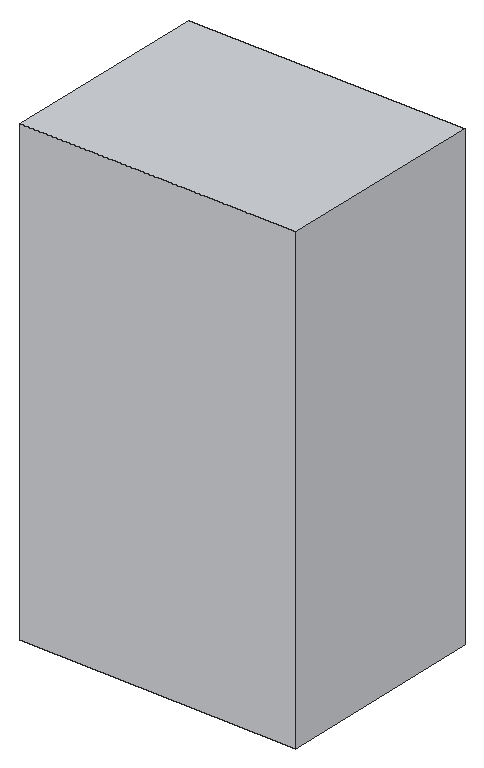
Revit family
Parameters
  Trim Material = Metal - Stainless Steel
  Warranty Duration (Years) = 0
  URL = "http://www.americanspecialties.com/viewCategories.cfm"
  Body Material = Metal - Stainless Steel
  Test Data = ""
  Specification = "http://www.arcat.com/sdspecs/htm/10810asi.htm"
  SpecWizard = ""
  Send Message = "http://www.arcat.com/users.pl?action=UserEmail&company=American%20Specialties,%20Inc.&coid=30448&rep=139&fax=914-476-0688&mf="
  Sales Information = "http://www.americanspecialties.com/contact"
  Revision = "R1_10-2010"
  Product Properties = "http://www.americanspecialties.com/datasheets/8522.pdf"
  Product Data = "http://www.arcat.com/arcatcos/cos30/arc30448.html"
  Model = "As Specified in 10 28 13"
  Manufacturer Website = "http://www.americanspecialties.com/viewCategories.cfm"
  Manufacturer Phone - Toll Free = ""
  Manufacturer Phone = "914-476-9000 "
  Manufacturer Fax = "914-476-0688"
  Manufacturer Address = "441 Saw Mill River Rd., Yonkers, NY 10701"
  Manufacturer = "American Specialties, Inc."
  Maintenance Schedule (Months) = 0
  Keynote = "10 28 13"
  Installation-Fabrication = "http://www.americanspecialties.com/products.cfm"
  Green Building-LEED = ""
  Expected Lifespan (Years) = 0
  Drawn By = "Robert S. Weygant. CSI, CDT, SCIP"  # constant formula
  Description = "Toilet Accessory as Specified in 10 28 13"
  Default Elevation = 4' - 0"
  Copyright = "©Arcat Inc."
  Construction Details = "http://www.arcat.com/green/clients/leed_data_30448.html"
  Building Codes = "http://www.americanspecialties.com/products.cfm"
  Assembly Code = "C1030210"
Reference planes (in)
  plane 1 "Center (Front/Back)": y = -0.29112
  plane 2 "Floor Line": z = 0
  plane 3 "Center (Left/Right)": x = -0.65843
  plane 4: x = -6.78343
  plane 5: x = -6.28343
  plane 6: y = 7.20888
  plane 7: y = -7.79112
  plane 8: x = -6.28343
  plane 9: x = 4.96657
  plane 10: x = 5.46657
Forms (in)
  Extrusion 1, solid
    sketch origin (-3.65843, -10.3328, -6) x (0, 0, -1) y (1, 0, 0)
      loop
        line (-82, 26) -> (-82, -19.34712) -> (-6, -19.34712) -> (-6, 26) -> (-82, 26)
    from 9 to -25.60721
  Extrusion 2, solid, material "Metal - Stainless Steel" <- "Body Material"
    sketch origin (-0.65843, 0, 0) x (0, 1, 0) y (0, 0, 1)
      loop
        line (7.20888, 0) -> (7.20888, 9.5) -> (-4.54112, 9.5) -> (-7.32122, 6.7199) -> (-7.79112, 0) -> (7.20888, 0)
    from -6.125 to -5.625
  Extrusion 3, void
    sketch origin (18.01109, -4.28968, 8.5) x (1, 0, 0) y (0, 1, 0)
      loop
        line (-14.29452, 7.74856) -> (-14.29452, 1.74856) -> (-13.29452, 1.74856) -> (-13.29452, 7.74856) -> (-14.29452, 7.74856)
    from 0.5122 to 1
  Extrusion 4, solid, material "Metal - Stainless Steel" <- "Trim Material"
    sketch origin (-0.51006, 1, 0) x (0, 1, 0) y (0, 0, 1)
      loop
        line (2.20888, 9.5) -> (2.20888, 9.75) -> (1.99756, 9.75) -> (1.85322, 10) -> (1.56455, 10) -> (1.42021, 9.75) -> (1.56455, 9.5) -> (1.74756, 9.5) -> (1.74756, 9.0122) -> (1.99756, 9.0122) -> (1.99756, 9.5) -> (2.20888, 9.5)
    from 4.35162 to 5.10162
  Extrusion 5, void
    sketch origin (0.125, 1, 0) x (1, 0, 0) y (0, 1, 0)
      loop
        line (3.96657, 1.99756) -> (3.96657, -3.21827) -> (4.21657, -3.21827) -> (4.21657, 1.99756) -> (3.96657, 1.99756)
    from 8.83493 to 9.0122
  Extrusion 6, solid, material "Metal - Stainless Steel" <- "Trim Material"
    sketch origin (0.25, 0, 0) x (1, 0, 0) y (0, 1, 0)
      loop
        circle (3.96657, -3.54112) r 0.5
      loop
        line (3.9324, -3.16612) -> (3.9324, -3.4644)
        arc (3.9324, -3.4644) -> (3.88259, -3.54112) -> (3.9324, -3.61783) r 0.08398
        line (3.9324, -3.61783) -> (3.9324, -3.91612) -> (4.00073, -3.91612) -> (4.00073, -3.61783)
        arc (4.00073, -3.61783) -> (4.05055, -3.54112) -> (4.00073, -3.4644) r 0.08398
        line (4.00073, -3.4644) -> (4.00073, -3.16612) -> (3.9324, -3.16612)
    from 9.5 to 9.625
  Extrusion 7, void
    sketch origin (0, -1.47062, 0) x (1, 0, 0) y (0, 1, 0)
      loop
        spline (-5.28343, 5.55451) -> (-5.25788, 5.52215) -> (-5.18295, 5.49201) -> (-5.06376, 5.46612) -> (-4.90843, 5.44625) -> (-4.72755, 5.43377) -> (-4.53343, 5.42951) -> (-4.33932, 5.43377) -> (-4.15843, 5.44625) -> (-4.0031, 5.46612) -> (-3.88391, 5.49201) -> (-3.80899, 5.52215) -> (-3.78343, 5.55451)
        spline (-3.78343, 5.55451) -> (-3.80899, 5.58686) -> (-3.88391, 5.61701) -> (-4.0031, 5.6429) -> (-4.15843, 5.66276) -> (-4.33932, 5.67525) -> (-4.53343, 5.67951) -> (-4.72755, 5.67525) -> (-4.90843, 5.66276) -> (-5.06376, 5.6429) -> (-5.18295, 5.61701) -> (-5.25788, 5.58686) -> (-5.28343, 5.55451)
      loop
        spline (-5.28343, 0.92951) -> (-5.25788, 0.89715) -> (-5.18295, 0.86701) -> (-5.06376, 0.84112) -> (-4.90843, 0.82125) -> (-4.72755, 0.80877) -> (-4.53343, 0.80451) -> (-4.33932, 0.80877) -> (-4.15843, 0.82125) -> (-4.0031, 0.84112) -> (-3.88391, 0.86701) -> (-3.80899, 0.89715) -> (-3.78343, 0.92951)
        spline (-3.78343, 0.92951) -> (-3.80899, 0.96186) -> (-3.88391, 0.99201) -> (-4.0031, 1.0179) -> (-4.15843, 1.03776) -> (-4.33932, 1.05025) -> (-4.53343, 1.05451) -> (-4.72755, 1.05025) -> (-4.90843, 1.03776) -> (-5.06376, 1.0179) -> (-5.18295, 0.99201) -> (-5.25788, 0.96186) -> (-5.28343, 0.92951)
      loop
        spline (3.96657, 5.55451) -> (3.94101, 5.58686) -> (3.86609, 5.61701) -> (3.7469, 5.6429) -> (3.59157, 5.66276) -> (3.41068, 5.67525) -> (3.21657, 5.67951) -> (3.02245, 5.67525) -> (2.84157, 5.66276) -> (2.68624, 5.6429) -> (2.56705, 5.61701) -> (2.49212, 5.58686) -> (2.46657, 5.55451)
        spline (2.46657, 5.55451) -> (2.49212, 5.52215) -> (2.56705, 5.49201) -> (2.68624, 5.46612) -> (2.84157, 5.44625) -> (3.02245, 5.43377) -> (3.21657, 5.42951) -> (3.41068, 5.43377) -> (3.59157, 5.44625) -> (3.7469, 5.46612) -> (3.86609, 5.49201) -> (3.94101, 5.52215) -> (3.96657, 5.55451)
      loop
        spline (3.96657, 0.92951) -> (3.94101, 0.96186) -> (3.86609, 0.99201) -> (3.7469, 1.0179) -> (3.59157, 1.03776) -> (3.41068, 1.05025) -> (3.21657, 1.05451) -> (3.02245, 1.05025) -> (2.84157, 1.03776) -> (2.68624, 1.0179) -> (2.56705, 0.99201) -> (2.49212, 0.96186) -> (2.46657, 0.92951)
        spline (2.46657, 0.92951) -> (2.49212, 0.89715) -> (2.56705, 0.86701) -> (2.68624, 0.84112) -> (2.84157, 0.82125) -> (3.02245, 0.80877) -> (3.21657, 0.80451) -> (3.41068, 0.80877) -> (3.59157, 0.82125) -> (3.7469, 0.84112) -> (3.86609, 0.86701) -> (3.94101, 0.89715) -> (3.96657, 0.92951)
    from 0 to 0.25
  Extrusion 8, solid, material "Metal - Stainless Steel" <- "Body Material"
    sketch origin (0.25, 0.25, 0) x (1, 0, 0) y (0, 1, 0)
      loop
        line (-6.40843, 6.58388) -> (-6.40843, -4.66612) -> (4.59157, -4.66612) -> (4.59157, 6.58388) -> (-6.40843, 6.58388)
    from 8.51701 to 9.5
  Extrusion 9, solid, material "Metal - Stainless Steel" <- "Body Material"
    sketch origin (-0.65843, 0, 0) x (0, 1, 0) y (0, 0, -1)
      loop
        line (7.20888, 0) -> (-7.79112, 0) -> (-7.32122, -6.7199) -> (-4.54112, -9.5) -> (7.20888, -9.5) -> (7.20888, 0)
    from -6.125 to -5.625
  Extrusion 10, solid, material "Metal - Stainless Steel" <- "Body Material"
    sketch origin (0, -0.29112, 0) x (1, 0, 0) y (0, 0, 1)
      loop
        line (-6.78343, 0) -> (5.46657, 0) -> (5.46657, 9.5) -> (-6.78343, 9.5) -> (-6.78343, 0)
    from -7.5 to -7.25
  Extrusion 11, solid, material "Metal - Stainless Steel" <- "Body Material"
    sketch origin (-0.65843, 0, 0) x (0, 1, 0) y (0, 0, 1)
      loop
        line (-7.44148, 5) -> (-7.79112, 0) -> (-7.54051, 0) -> (-7.19087, 5) -> (-7.44148, 5)
    from -6.125 to 6.125
  Extrusion 12, solid, material "Metal - Stainless Steel" <- "Body Material"
    sketch origin (0, 0, 0) x (1, 0, 0) y (0, 1, 0)
      loop
        line (-6.78343, 7.20888) -> (-6.78343, -7.79112) -> (5.46657, -7.79112) -> (5.46657, 7.20888) -> (-6.78343, 7.20888)
    from 0 to 0.25
Cuts and joins
  Extrusion 3, Extrusion 5, Extrusion 7 cuts Extrusion 2
  Extrusion 7 cuts Extrusion 12
  joined: Extrusion 2, Extrusion 9, Extrusion 10, Extrusion 11, Extrusion 12
  Extrusion 5 cuts Extrusion 4
  Extrusion 3, Extrusion 5 cuts Extrusion 8
Dimensions and locks (in)
  aligned and locked: Extrusion 2 to plane 4
  aligned and locked: plane 5 to Extrusion 2
  aligned and locked: Extrusion 2 to plane 6
  aligned and locked: plane 7 to Extrusion 2
  aligned and locked: cut or joined group 1 (Extrusion 2, Extrusion 3, Extrusion 5, Extrusion 7, Extrusion 9, Extrusion 10, Extrusion 11, Extrusion 12) to cut or joined group 1
  aligned and locked: Extrusion 3 to Extrusion 5
  aligned and locked: cut or joined group of Extrusion 4, Extrusion 5 to Extrusion 5 sketch curve
  aligned and locked: cut or joined group 1 to Extrusion 4
  aligned and locked: cut or joined group 1 to Extrusion 8
  aligned and locked: plane 8 to cut or joined group 1
  aligned and locked: plane 10 to Extrusion 9
  aligned and locked: Extrusion 9 to plane 9
  aligned and locked: plane 5 to plane 8
  aligned and locked: cut or joined group 1 to plane 4
  aligned and locked: cut or joined group 1 to Extrusion 10 sketch curve
  aligned and locked: Extrusion 10 sketch curve to cut or joined group 1
  aligned and locked: Extrusion 10 sketch curve to Extrusion 9
  aligned and locked: Extrusion 10 to plane 6
  aligned and locked: cut or joined group 1 to Extrusion 11 sketch curve
  aligned and locked: Extrusion 11 to plane 4
  aligned and locked: plane 10 to Extrusion 11
  aligned and locked: Extrusion 12 to level
